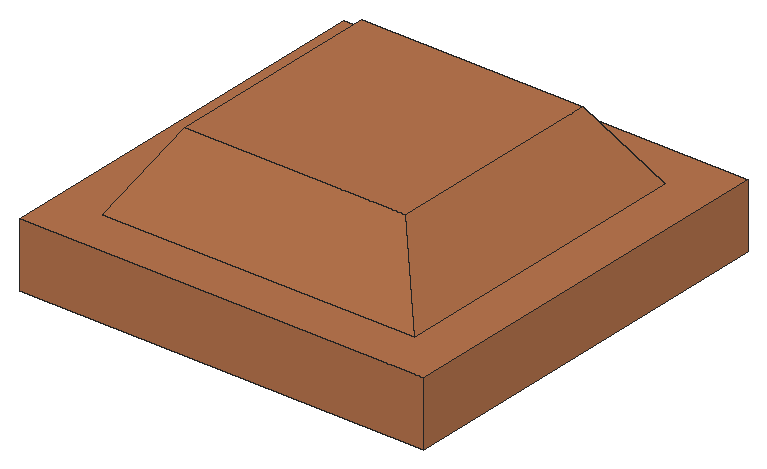
Revit family "D3_Recessed Square Down Light", category Lighting Fixtures, Revit 2013
Parameters (values of type "1X18w")
  Wattage = 36 W
  built-in parameter 1150110 = 1 (stored number, unit not read)
  built-in parameter 1114217 = 1 (stored number, unit not read)
  Tilt Angle = 90.00°
  built-in parameter 1150109 = 1 (stored number, unit not read)
  built-in parameter 1150134 = 3
  built-in parameter 1150113 = 1 (stored number, unit not read)
  built-in parameter 1010507 = 0.7854 (stored number, unit not read)
  built-in parameter 1010506 = 0.5236 (stored number, unit not read)
  Model = ""
  Material = Bright
  Manufacturer = ""
  built-in parameter 1150105 = 7379.5 (stored number, unit not read)
  Lumens = 1789.56 lm
  built-in parameter 1150115 = 1 (stored number, unit not read)
  Load Classification = Ltg
  Light Type [instance] = "D3"
  built-in parameter 1150131 = 3048 mm
  built-in parameter 1150137 = (empty or 0)
  built-in parameter 1150139 = (empty or 0)
  built-in parameter 1150112 = 1 (stored number, unit not read)
  built-in parameter 1150114 = 1 (stored number, unit not read)
  Lamp = "1x18W"
  built-in parameter 1150132 = (empty or 0)
  built-in parameter 1150102 = (empty or 0)
  built-in parameter 1150107 = 4230 (stored number, unit not read)
  built-in parameter 1150138 = (empty or 0)
  built-in parameter 1150106 = 73.795 (stored number, unit not read)
  Emit from Circle Diameter = 1000 mm
  Emit Shape Visible in Rendering = no
  built-in parameter 1150104 = 4.6182 (stored number, unit not read)
  Dimming Lamp Color Temperature Shift = <None>
  Color Filter = 16777215
  Body = Light Body
  built-in parameter 1114218 = 1 (stored number, unit not read)
  Light Source Symbol Length = 3048 mm
  Apparent Load = 18 VA
Reference planes
  plane 1 "Light Source Axis (F/B)": y = 0
  plane 2: z = 0
  plane 3 "Light Source Axis (L/R)": x = 0
  plane 4 "Light Source Elevation": z = 40
  plane 5: x = -110
  plane 6: x = 110
  plane 7: y = 110
  plane 8: y = -110
  plane 9: y = 85
  plane 10: y = -85
  plane 11: x = -85
  plane 12: x = 85
  plane 13: z = -35
  plane 14: z = 40
Forms (mm)
  Extrusion 1, solid, material "Light Body" <- "Body"
    sketch origin (0, 0, 0) x (1, 0, 0) y (0, 1, 0)
      loop
        line (-85, -85) -> (85, -85) -> (85, 85) -> (-85, 85) -> (-85, -85)
      loop
        line (-110, 110) -> (-110, -110) -> (110, -110) -> (110, 110) -> (-110, 110)
    from 0 to -35
  Blend 2, solid, material "Light Body" <- "Body"
    base sketch origin (0, 0, 0) x (1, 0, 0) y (0, 1, 0)
      loop
        line (-85, -85) -> (85, -85) -> (85, 85) -> (-85, 85) -> (-85, -85)
    top sketch origin (0, 0, 0) x (1, 0, 0) y (0, 1, 0)
      loop
        line (-60, -60) -> (60, -60) -> (60, 60) -> (-60, 60) -> (-60, -60)
    from 0 to 40
  Extrusion 3, solid, material "Bright" <- "Material"
    sketch origin (0, 0, 0) x (1, 0, 0) y (0, 1, 0)
      loop
        line (-85, -85) -> (85, -85) -> (85, 85) -> (-85, 85) -> (-85, -85)
    from -10 to -35
Dimensions and locks
  plane 2 to plane 13 = 35 mm
  plane 14 to plane 2 = 40 mm
  aligned and locked: plane 3 "Light Source Axis (L/R)" to imposter light
  aligned and locked: plane 1 "Light Source Axis (F/B)" to imposter light
  aligned and locked: plane 4 "Light Source Elevation" to imposter light
  aligned and locked: level to plane 2
Nested families
  nested 1: "EL_D3" at (0, 0, 0), type "EL_D3"
Connectors
  electrical at (0, -72.5, 20), driven by "Load Classification"
    settings: on Blend 2, index 1, voltage 230 V, apparent load 0 VA, apparent load phase1 36 VA, apparent load phase2 0 VA, apparent load phase3 0 VA, power factor 0.9, load classification "Ltg", number of poles 1, system type 31, power factor state 1, is connector primary yes, connector utility no, sub classification motor no, connector description ""
Definition of nested family "EL_D3"
  Reference planes
    plane 1: y = 0
    plane 2: x = 0
  Lines and regions (mm)
    detail lines, style "Lighting Symbols"
      curve 1: line (-1.35, -1.35, 0) -> (1.35, -1.35, 0)
      curve 2: line (-1.35, 1.35, 0) -> (-1.35, -1.35, 0)
      curve 3: line (1.35, 1.35, 0) -> (-1.35, 1.35, 0)
      curve 4: line (1.35, -1.35, 0) -> (1.35, 1.35, 0)
      curve 5: line (-0.95, 0.95, 0) -> (0.95, 0.95, 0)
      curve 6: line (-0.95, -0.95, 0) -> (-0.95, 0.95, 0)
      curve 7: line (0.95, -0.95, 0) -> (-0.95, -0.95, 0)
      curve 8: line (0.95, 0.95, 0) -> (0.95, -0.95, 0)
      curve 9: line (-0.95, -0.05, 0) -> (0.95, -0.05, 0)
      curve 10: line (-0.95, 0.05, 0) -> (0.95, 0.05, 0)
